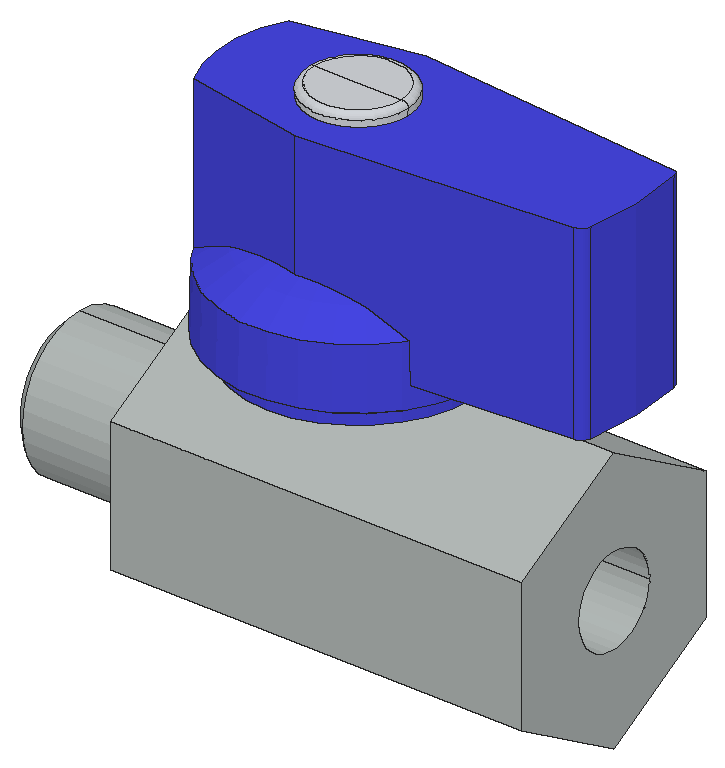
Revit family "QL10310000", category Apparecchi idraulici, Revit 2020
Family settings
  Quota connettore circolare = Usa diametro
  Tipo di parte = Normale
  Numero OmniClass = 23.45.00.00
  Titolo OmniClass = Sanitary, Laundry, and Cleaning Equipment
  Basato su piano di lavoro = No
  Sempre verticale = Sì
  Taglio con vuoti quando caricato = No
  Condiviso = No
  Punto di calcolo locali = No
Parameters
  URL = "https://web.cimberio.com/index.php/figura/965?subcategoria_id=47"
  Temperatura di esercizio = "-20 ÷ 95°C"
  Prospetto di default = 0 mm
  Produttore = "CIMBERIO SPA"
  Pressione nominale = "PN 150"
  Modello = "Cim 012BL"
  Materiale = "Prodotto in lega di ottone conforme alla norma EN 12165-CW617N-DW"
  Descrizione = "Realizzato in ottemperanza ai requisiti gestionali della norma EN ISO 9001.\r\nUtilizzato per la regolazione della temperatura degli ambienti e comandare apparecchi degli impianti di riscaldamento e condizionamento."
  DN Model [instance] = QL10311008 : QL10311008
  DN [instance] = 8 mm
  Commenti sul tipo = "Utilizzato nei più svariati settori dell'impiantistica: impianti di riscaldamento, condizionamento, idrici, igienico-sanitari, aria compressa e in generale con ogni fluido non corrosivo"
Reference planes
  plane 1 "Centro (Fronte/Retro)": y = 0
  plane 2: z = 0
  plane 3 "Centro (Sinistra/Destra)": x = 0
Dimensions and locks
  aligned and locked: level to plane 2
Nested families
  nested 1: "QL10311008" at (0, 0, 0), type <- "DN Model", type "QL10311008"
    with DN Model none, DN 15 mm
  nested 2: "QL10311008" at (0, 0, 0), type <- "DN Model", type "QL10311008"
  nested 3: "QL10311008" at (0, 0, 0), type <- "DN Model", type "QL10311008"
Connectors
  piping at (21.238, 0, 11.9), diameter 8, driven by "DN"
    settings: on nested 1, index 1, connector inside diameter 609.6 mm, connector length 0 mm, flow factor 0, pipe flow 0.0 L/s, pressure drop 0.0 Pa, fitting loss kfactor 0, connector angle 0.00°, fixture units 0, engagement length 0 mm, angle of deflection 0.00°, flow configuration 0, flow direction 0, fitting loss method 0, system type 7, joint type 0, gender type 0, connector reference index -1, connector utility 0, adjustable connector no, is connector primary yes, connector description ""
  piping at (-27.762, 0, 11.892), diameter 8, driven by "DN"
    settings: on nested 1, index 2, connector inside diameter 609.6 mm, connector length 0 mm, flow factor 0, pipe flow 0.0 L/s, pressure drop 0.0 Pa, fitting loss kfactor 0, connector angle 0.00°, fixture units 0, engagement length 0 mm, angle of deflection 0.00°, flow configuration 0, flow direction 0, fitting loss method 0, system type 7, joint type 0, gender type 0, connector reference index -1, connector utility 0, adjustable connector no, is connector primary no, connector description ""
Definition of nested family "QL10311008"
  Parameters (values of type "QL10311008")
    URL = "https://web.cimberio.com/index.php/figura/1418?subcategoria_id="
    Temperatura di esercizio = "-10 ÷ 110°C"
    Default Elevation = 0 mm
    Manufacturer = "CIMBERIO SPA"
    Pressione nominale = "PN 10"
    Model = "Cim 150VIC"
    Materiale = "Prodotto in lega di ottone conforme alla norma EN 12165-CW617N-DW"
    Description = "Utilizzato nei più svariati settori dell'impiantistica: impianti di riscaldamento, condizionamento, idrici, igienico-sanitari e in generale con ogni fluido non corrosivo"
    DN Model [instance] = HG00081015 : HG00081015
    DN [instance] = 15 mm
    Type Comments = "Realizzato in ottemperanza ai requisiti gestionali della norma EN ISO 9001.\r\nCollaudato al 100% secondo la normativa EN 12266-1"
  Reference planes
    plane 1 "Centro (Fronte/Retro)": y = 0
    plane 2: z = 0
    plane 3 "Centro (Sinistra/Destra)": x = 0
  Forms (mm)
    Extrusion 1, solid
      sketch origin (0, 0, 11.9) x (0, 1, 0) y (0, 0, 1)
        loop
          circle (0, 0) r 4
        loop
          line (0, 11.9) -> (-10.306, 5.95) -> (-10.306, -5.95) -> (0, -11.9) -> (10.306, -5.95) -> (10.306, 5.95) -> (0, 11.9)
      from -15.762 to 21.238
    Revolve 2, solid
      sketch origin (0, 0, -3.558) x (1, 0, 0) y (0, 0, 1)
        loop
          line (-13.65, 29.159) -> (-12.068, 28.245) -> (-12.068, 27.3) -> (-1.75, 27.3) -> (-1.75, 38.235)
          arc (-1.75, 38.235) -> (-7.968, 37.443) -> (-13.555, 34.603) r 18.326
          line (-13.555, 34.603) -> (-13.65, 29.159)
        axis (-1.75, 27.3) -> (-1.75, 38.235)
      angle from 0 to 360
    Revolve 3, solid
      sketch origin (0, 0, -3.544) x (1, 0, 0) y (0, 0, 1)
        loop
          line (-6.25, 48.586) -> (-6.25, 47.06) -> (-1.75, 47.06) -> (-1.75, 49.1) -> (-5.644, 49.1)
          arc (-5.644, 49.1) -> (-6.041, 48.954) -> (-6.25, 48.586) r 0.614
        axis (-1.75, 49.1) -> (-1.75, 47.06)
      angle from 0 to 360
    Extrusion 4, solid
      sketch origin (0, 0, 0) x (1, 0, 0) y (0, 1, 0)
        loop
          line (-1.55, -7.358) -> (21.897, -5.374)
          arc (21.897, -5.374) -> (22.482, -5.121) -> (22.795, -4.565) r 1
          arc (22.795, -4.565) -> (23.239, 0.126) -> (22.795, 4.817) r 25
          arc (22.795, 4.817) -> (22.645, 5.184) -> (22.364, 5.464) r 1
          line (22.364, 5.464) -> (-1.549, 7.359) -> (-12.286, 5.325)
          arc (-12.286, 5.325) -> (-13.555, -0.054) -> (-12.237, -5.422) r 11.805
          line (-12.237, -5.422) -> (-1.55, -7.358)
      from 27.517 to 44.542
    Revolve 5, solid
      sketch origin (0, 0, 0) x (1, 0, 0) y (0, 0, 1)
        loop
          line (-27.762, 17.392) -> (-27.762, 15.892) -> (-15.762, 15.892) -> (-15.762, 18.392) -> (-26.762, 18.392) -> (-27.762, 17.392)
        axis (-27.762, 11.892) -> (-15.762, 11.892)
      angle from 0 to 360
  Dimensions and locks
    aligned and locked: level to plane 2
